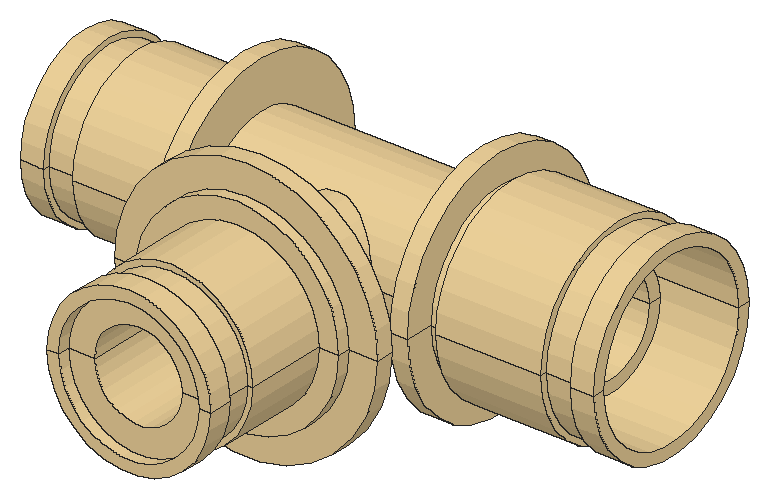
Revit family "ABC-PEX_Фитинг_Тройник сравносторонний_Тройник редукционный", category Соединительные детали трубопроводов, Revit 2019
Family settings
  Размер круглого соединителя = Использовать диаметр
  Тип детали = Тройник
  На основе рабочей плоскости = Нет
  Всегда вертикально = Нет
  При загрузке вырезать с полостями = Нет
  Общий = Да
Parameters
  Таблица выбора = "ABC-PEX_Фитинг_Тройник сравносторонний_Тройник редукционный"  # constant formula
  Материал_Корпус = Латунь
  z3 [instance] = size_lookup(Таблица выбора, "z3", 30 mm, DN1, DN2, DN3)  # 24 mm
  z2 [instance] = size_lookup(Таблица выбора, "z2", 30 mm, DN1, DN2, DN3)  # 27 mm
  z1 [instance] = size_lookup(Таблица выбора, "z1", 30 mm, DN1, DN2, DN3)  # 24 mm
  c [instance] = size_lookup(Таблица выбора, "c", 30 mm, DN1, DN2, DN3)  # 41 mm
  b [instance] = size_lookup(Таблица выбора, "b", 30 mm, DN1, DN2, DN3)  # 50 mm
  a [instance] = size_lookup(Таблица выбора, "a", 30 mm, DN1, DN2, DN3)  # 41 mm
  DN3 [instance] = 20 mm
  DN2 [instance] = 25 mm
  DN1 [instance] = 20 mm
  ADSK_Примечание = ""
  ADSK_Наименование [instance] = size_lookup(Таблица выбора, "ADSK_Наименование", "Нет в каталоге", DN1, DN2, DN3)  # "Тройник редукционный DN20x25x20"
  ADSK_Масса [instance] = size_lookup(Таблица выбора, "ADSK_Масса", 0, DN1, DN2, DN3)  # 0
  ADSK_Марка [instance] = size_lookup(Таблица выбора, "ADSK_Марка", "Нет в каталоге", DN1, DN2, DN3)  # "ABC-F-0202520"
  ADSK_Завод-изготовитель = "Agpipe"  # constant formula
Reference planes
  plane 1 "По центру (Вперед/Назад)": y = 0
  plane 2: z = 0
  plane 3 "По центру (Влево/Вправо)": x = 0
  plane 4: x = -41
  plane 5: x = 41
  plane 6: x = -24
  plane 7: x = 24
  plane 8: y = -27
  plane 9: y = -50
  plane 10: y = 10
  plane 11: y = -10
  plane 12: y = 10
  plane 13: y = -10
  plane 14: x = -12.5
  plane 15: x = 12.5
Forms (mm)
  Revolve 1, solid, material "Латунь" <- "Материал_Корпус", detail levels fine
    sketch origin (0, 0, 0) x (1, 0, 0) y (0, 1, 0)
      loop
        line (-24, 10) -> (-41, 10) -> (-41, 8) -> (-24, 8) -> (-24, 0) -> (24, 0) -> (24, 8) -> (41, 8) -> (41, 10) -> (24, 10) -> (24, 15) -> (21.939, 15) -> (21.939, 20) -> (18.939, 20) -> (18.939, 12) -> (-19, 12) -> (-19, 20) -> (-22, 20) -> (-22, 15) -> (-24, 15) -> (-24, 10)
      axis (-41, 0) -> (41, 0)
    angle from 0 to 360
  Revolve 2, solid, material "Латунь" <- "Материал_Корпус", detail levels fine
    sketch origin (0, 0, 0) x (1, 0, 0) y (0, 1, 0)
      loop
        line (-7.5, -50) -> (-7.5, 0) -> (-9.5, 0) -> (-9.5, -24) -> (-22.5, -24) -> (-22.5, -27) -> (-17.5, -27) -> (-17.5, -29) -> (-12.5, -29) -> (-12.5, -50) -> (-7.5, -50)
      axis (0, -50) -> (0, 0)
    angle from 0 to 360
  Revolve 3, void
    sketch origin (0, 0, 0) x (1, 0, 0) y (0, 1, 0)
      loop
        line (-19, -12) -> (18.939, -12) -> (18.939, 0) -> (-19, 0) -> (-19, -12)
      axis (-19, 0) -> (18.939, 0)
    angle from 0 to 360
Cuts and joins
  Revolve 3 cuts Revolve 2
Lines and regions (mm)
  reference lines
    curve 1: line (-24, 0, 0) -> (24, 0, 0)
    curve 2: line (0, -27, 0) -> (0, 0, 0)
  symbolic lines, detail levels coarse+medium
    curve 3: line (-41, 0, 0) -> (41, 0, 0)
    curve 4: line (0, 0, 0) -> (0, -50, 0)
Dimensions and locks
  "a": plane 4 to plane 3 "По центру (Влево/Вправо)"
  "c": plane 3 "По центру (Влево/Вправо)" to plane 5
  "z1": plane 6 to plane 3 "По центру (Влево/Вправо)"
  "z3": plane 3 "По центру (Влево/Вправо)" to plane 7
  "z2": plane 1 "По центру (Вперед/Назад)" to plane 8
  "b": plane 1 "По центру (Вперед/Назад)" to plane 9
  equal spacing: plane 11, plane 1 "По центру (Вперед/Назад)", plane 10
  "DN1": plane 11 to plane 10
  equal spacing: plane 13, plane 1 "По центру (Вперед/Назад)", plane 12
  "DN3": plane 13 to plane 12
  locked: Revolve 1 sketch curve to plane 10 at 2
  locked: Revolve 1 sketch curve to plane 12 at 2
  plane 6 to Revolve 1 sketch curve = 2 mm
  locked: Revolve 1 sketch curve to Revolve 1 sketch curve at 3  (x2)
  locked: Revolve 1 sketch curve to plane 7 at 2.061
  locked: plane 10 to Revolve 1 sketch curve at 5
  locked: Revolve 1 sketch curve to Revolve 1 sketch curve at 5
  locked: plane 10 to Revolve 1 sketch curve at 2
  equal spacing: plane 14, plane 3 "По центру (Влево/Вправо)", plane 15
  "DN2": plane 14 to plane 15
  locked: Revolve 2 sketch curve to plane 14 at 5
  locked: Revolve 2 sketch curve to Revolve 2 sketch curve at 5
  locked: plane 8 to Revolve 2 sketch curve at 2
  locked: Revolve 2 sketch curve to Revolve 2 sketch curve at 3
  locked: plane 14 to Revolve 2 sketch curve at 3
  locked: plane 14 to Revolve 2 sketch curve at 5
  plane 12 to Revolve 1 sketch curve to Revolve 1 sketch curve = 5 mm locked, 5 mm locked
  aligned and locked: level to plane 2
  aligned and locked: plane 1 "По центру (Вперед/Назад)" to Revolve 1 sketch curve
  aligned and locked: Revolve 1 sketch curve to plane 5
  aligned and locked: plane 7 to Revolve 1 sketch curve
  aligned and locked: Revolve 1 sketch curve to plane 6
  aligned and locked: plane 6 to Revolve 1 sketch curve
  aligned and locked: Revolve 1 sketch curve to plane 10
  aligned and locked: plane 12 to Revolve 1 sketch curve
  aligned and locked: Revolve 1 sketch curve to plane 4
  aligned and locked: plane 3 "По центру (Влево/Вправо)" to Revolve 2 sketch curve
  aligned and locked: plane 1 "По центру (Вперед/Назад)" to curve 2
  aligned and locked: plane 7 to curve 1
  aligned and locked: plane 6 to curve 1
  aligned and locked: plane 8 to curve 2
  aligned and locked: plane 8 to nested 3
  aligned and locked: plane 6 to nested 2
  aligned and locked: plane 7 to nested 1
  aligned and locked: Revolve 1 to Revolve 3 sketch curve
  aligned and locked: Revolve 3 sketch curve to Revolve 1  (x2)
  aligned and locked: Revolve 3 sketch curve to plane 1 "По центру (Вперед/Назад)"
  aligned and locked: plane 9 to curve 4
  aligned and locked: plane 4 to curve 3
  aligned and locked: plane 5 to curve 3
Automatic sketch dimensions
  curve 2 to plane 3 "По центру (Влево/Вправо)" = 0 mm
  plane 1 "По центру (Вперед/Назад)" to Revolve 3 sketch curve = 0 mm
  Revolve 3 sketch curve to Revolve 3 sketch curve = 5 mm
  Revolve 3 sketch curve to Revolve 3 sketch curve = 7.939 mm
  plane 1 "По центру (Вперед/Назад)" to curve 4 = 0 mm
  curve 4 to plane 3 "По центру (Влево/Вправо)" = 0 mm
  Revolve 2 sketch curve to plane 14 = 0 mm
  Revolve 2 sketch curve to plane 9 = 0 mm
  Revolve 2 sketch curve to plane 8 = 0 mm
  plane 1 "По центру (Вперед/Назад)" to Revolve 2 sketch curve = 0 mm
  plane 9 to Revolve 2 sketch curve = 5 mm
  plane 8 to Revolve 2 sketch curve = 8 mm
  Revolve 1 sketch curve to plane 4 = 0 mm
  Revolve 1 sketch curve to plane 7 = 0 mm
  Revolve 1 sketch curve to plane 5 = 0 mm
  plane 1 "По центру (Вперед/Назад)" to Revolve 1 sketch curve = 0 mm
Nested families
  nested 1: "ABC-PEX_Фитинг_Надвижная гильза" at (37.5, 0, 0), DN <- "DN2", type "ABC-PEX_Фитинг_Надвижная гильза", detail levels fine
    with b 33 mm, a 27 mm, DN 25 mm, ADSK_Наименование "Надвижная гильза DN25", ADSK_Масса 0.016, ADSK_Марка "ABC-F-125"
  nested 2: "ABC-PEX_Фитинг_Надвижная гильза" at (-36.5, 0, 0) x (-1, 0, 0) z (0, 0, 1), DN <- "DN1", type "ABC-PEX_Фитинг_Надвижная гильза", detail levels fine
    with b 28 mm, a 25 mm, DN 20 mm, ADSK_Наименование "Надвижная гильза DN20", ADSK_Масса 0.012, ADSK_Марка "ABC-F-120"
  nested 3: "ABC-PEX_Фитинг_Надвижная гильза" at (0, -39.5, 0) x (0, -1, 0) z (0, 0, 1), DN <- "DN3", type "ABC-PEX_Фитинг_Надвижная гильза", detail levels fine
    with b 28 mm, a 25 mm, DN 20 mm, ADSK_Наименование "Надвижная гильза DN20", ADSK_Масса 0.012, ADSK_Марка "ABC-F-120"
Connectors
  piping at (-24, 0, 0), diameter 20, driven by "DN1"
    settings: on curve 1, index 1, connector inside diameter 609.6 mm, connector length 0 mm, flow factor 0, pipe flow 0.0 L/s, pressure drop 0.0 Pa, fitting loss kfactor 0, connector angle 0.00°, fixture units 0, engagement length 0 mm, angle of deflection 0.00°, flow configuration 0, flow direction 0, fitting loss method 0, system type 7, joint type 0, gender type 0, connector reference index 2, connector utility 0, adjustable connector no, is connector primary yes, connector description ""
  piping at (24, 0, 0), diameter 20, driven by "DN3"
    settings: on curve 1, index 2, connector inside diameter 609.6 mm, connector length 0 mm, flow factor 0, pipe flow 0.0 L/s, pressure drop 0.0 Pa, fitting loss kfactor 0, connector angle 0.00°, fixture units 0, engagement length 0 mm, angle of deflection 0.00°, flow configuration 0, flow direction 0, fitting loss method 0, system type 28, joint type 0, gender type 0, connector reference index 1, connector utility 0, adjustable connector no, is connector primary no, connector description ""
  piping at (0, -27, 0), diameter 25, driven by "DN2"
    settings: on curve 2, index 3, connector inside diameter 609.6 mm, connector length 0 mm, flow factor 0, pipe flow 0.0 L/s, pressure drop 0.0 Pa, fitting loss kfactor 0, connector angle 0.00°, fixture units 0, engagement length 0 mm, angle of deflection 0.00°, flow configuration 0, flow direction 0, fitting loss method 0, system type 28, joint type 0, gender type 0, connector reference index -1, connector utility 0, adjustable connector no, is connector primary no, connector description ""
Definition of nested family "ABC-PEX_Фитинг_Надвижная гильза"
  Parameters (values of type "ABC-PEX_Фитинг_Надвижная гильза")
    Таблица выбора = "ABC-PEX_Фитинг_Надвижная гильза"  # constant formula
    Маткриал_Корпус = none
    b [instance] = size_lookup(Таблица выбора, "b", 30 mm, DN)  # 24 mm
    a [instance] = size_lookup(Таблица выбора, "a", 30 mm, DN)  # 24 mm
    DN [instance] = 16 mm
    ADSK_Примечание = ""
    ADSK_Наименование [instance] = size_lookup(Таблица выбора, "ADSK_Наименование", "Нет в каталоге", DN)  # "Надвижная гильза DN16"
    ADSK_Масса [instance] = size_lookup(Таблица выбора, "ADSK_Масса", 0, DN)  # 0.008
    ADSK_Марка [instance] = size_lookup(Таблица выбора, "ADSK_Марка", "Нет в каталоге", DN)  # "ABC-F-116"
    ADSK_Завод-изготовитель = "Agpipe"  # constant formula
  Reference planes
    plane 1 "По центру (Вперед/Назад)": y = 0
    plane 2: z = 0
    plane 3 "По центру (Влево/Вправо)": x = 0
    plane 4: y = 12
    plane 5: y = -12
    plane 6: x = -12
    plane 7: x = 12
    plane 8: y = 8
    plane 9: y = -8
  Forms (mm)
    Revolve 1, solid, material <- "Маткриал_Корпус"
      sketch origin (0, 0, 0) x (1, 0, 0) y (0, 1, 0)
        loop
          line (-12, 12) -> (-12, 10) -> (12, 10) -> (12, 12) -> (8, 12) -> (8, 11) -> (3, 11) -> (3, 12) -> (-12, 12)
        axis (-12, 0) -> (12, 0)
      angle from 0 to 360
  Lines and regions (mm)
    reference lines
      curve 1: line (-12, 0, 0) -> (12, 0, 0)
  Dimensions and locks
    equal spacing: plane 4, plane 1 "По центру (Вперед/Назад)", plane 5
    "b": plane 4 to plane 5
    equal spacing: plane 6, plane 3 "По центру (Влево/Вправо)", plane 7
    "a": plane 6 to plane 7
    plane 4 to Revolve 1 sketch curve = 2 mm
    equal spacing: plane 9, plane 1 "По центру (Вперед/Назад)", plane 8
    "DN": plane 9 to plane 8
    Revolve 1 sketch curve to Revolve 1 sketch curve to plane 7 = 5 mm locked, 4 mm locked
    Revolve 1 sketch curve to Revolve 1 sketch curve to plane 4 = 1 mm locked, 1 mm locked
    aligned and locked: level to plane 2
    aligned and locked: plane 1 "По центру (Вперед/Назад)" to Revolve 1 sketch curve
    aligned and locked: plane 4 to Revolve 1 sketch curve
    aligned and locked: Revolve 1 sketch curve to plane 4
    aligned and locked: plane 6 to Revolve 1 sketch curve
    aligned and locked: plane 7 to Revolve 1 sketch curve
    aligned and locked: plane 7 to curve 1
    aligned and locked: plane 6 to curve 1
  Automatic sketch dimensions
    plane 1 "По центру (Вперед/Назад)" to curve 1 = 0 mm
    plane 6 to Revolve 1 sketch curve = 5 mm
    Revolve 1 sketch curve to plane 7 = 4 mm
  Connectors
    piping at (-12, 0, 0), diameter 16, driven by "DN"
      settings: on curve 1, index 1, connector inside diameter 609.6 mm, connector length 0 mm, flow factor 0, pipe flow 0.0 L/s, pressure drop 0.0 Pa, fitting loss kfactor 0, connector angle 0.00°, fixture units 0, engagement length 0 mm, angle of deflection 0.00°, flow configuration 0, flow direction 0, fitting loss method 0, system type 28, joint type 0, gender type 0, connector reference index 2, connector utility 0, adjustable connector no, is connector primary yes, connector description ""
    piping at (12, 0, 0), diameter 16, driven by "DN"
      settings: on curve 1, index 2, connector inside diameter 609.6 mm, connector length 0 mm, flow factor 0, pipe flow 0.0 L/s, pressure drop 0.0 Pa, fitting loss kfactor 0, connector angle 0.00°, fixture units 0, engagement length 0 mm, angle of deflection 0.00°, flow configuration 0, flow direction 0, fitting loss method 0, system type 28, joint type 0, gender type 0, connector reference index 1, connector utility 0, adjustable connector no, is connector primary no, connector description ""
